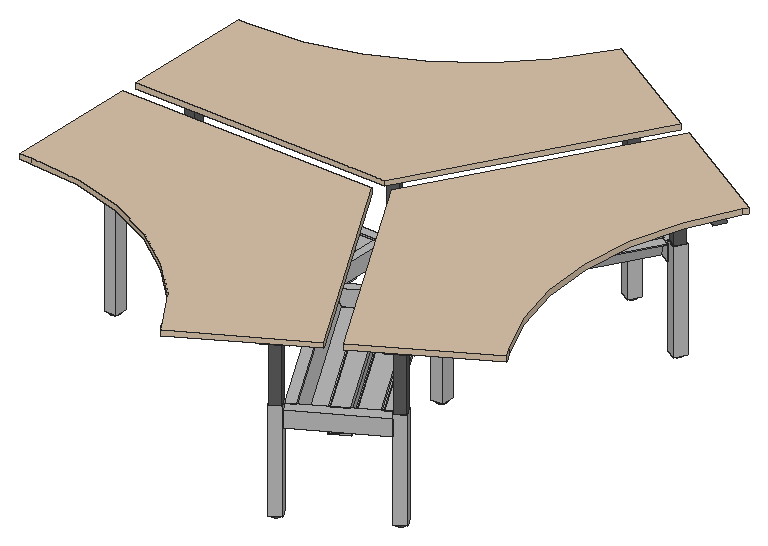
Revit family "Haworth_Planes_HeightAdjustBench_120", category Furniture Systems, Revit 2018
Family settings
  Round Connector Dimension = Use Diameter
  Part Type = Normal
  OmniClass Number = 23.40.70.14.64.21
  OmniClass Title = Systems Furniture
  Work Plane-Based = No
  Always vertical = Yes
  Cut with Voids When Loaded = No
  Shared = No
  Room Calculation Point = No
Parameters (values of type "58w 30d - Electric Adjustment")
  Worksurface Distance = 3 5/8"  # constant formula
  Warranty = "https://www.haworth.com/resources/product-info/warranties"
  URL - Product = "https://www.haworth.com/products/tables/height-adjustable/planes"
  Trim Finish = Haworth _ Paint _ Metallic Champagne
  Touch Pad Width = 2 3/4"  # constant formula
  Table Finish [instance] = Haworth _ Laminate _ Maple H-AE
  Table Edge Finish [instance] = Haworth _ Laminate _ Maple H-AE
  Actual Overall Depth = (Actual Depth * 2) + Worksurface Distance  # 63 5/8"
  Standard Worksurface Depth = "23, 24, 29, 30 in."  # constant formula
  Model = "TACZ"  # constant formula
  Min. Overall Depth = 51"  # constant formula
  Min. Height = 27"  # constant formula
  Max. Overall Depth = 63"  # constant formula
  Max. Height = 46"  # constant formula
  Lever Depth = 12"  # constant formula
  Leg Side Offset = if(Actual Width < 47", 33 3/4", if(Actual Width < 53", 38 3/4", if(Actual Width < 59", 43 3/4", 46 13/16")))  # 43 3/4"
  Leg Offset = 10 5/32"  # constant formula
  Leg Finish [instance] = Haworth _ Paint _ Metallic Champagne
  J-Rail Width = Leg Side Offset  # 43 3/4"
  J-Rail Height = 22 5/8"  # constant formula
  Height = 40"
  Hand Crank = no
  Gap Depth = Worksurface Distance / 2  # 1 13/16"
  Electric Adjustment = yes
  Description = "Haworth - Planes HAT - 120 Bench - 58w 30d - Electric Adjustment"
  Width = 58"
  URL = "www.haworth.com"
  Table Thickness = 1 3/16"  # constant formula
  Size = "Verify Final Dim. w/ Haworth"  # constant formula
  Revision Number = "1"  # constant formula
  Standard Width = "46, 52, 58 in."  # constant formula
  Standard Overall Depth = "51, 63 in."  # constant formula
  Min. Width = 46"  # constant formula
  Max. Width = 58"  # constant formula
  Min. Depth = 23"  # constant formula
  Max. Depth = 30"  # constant formula
  Manufacturer = "Haworth"  # constant formula
  Leg Height = Actual Height - Table Thickness  # 38 13/16"
  Depth = 30"
  Custom Size = not(and(or(Depth = 23", Depth = 24", Depth = 29", Depth = 30"), or(Width = 46", Width = 52", Width = 58")))  # no
  Crank Offset = 13 1/8"  # constant formula
  Box Body Finish = Haworth _ Paint _ Black
  Base Tube Finish = Haworth _ Paint _ Black
  Author = "Haworth (Alias)"  # constant formula
  Assembly Code = "E2020200"
  Actual Width = if(Width < Min. Width, Min. Width, if(Width > Max. Width, Max. Width, Width))  # 58"
  Actual Height = if(Height > Max. Height, Max. Height, if(Height < Min. Height, Min. Height, Height))  # 40"
  Actual Depth = if(Depth > Max. Depth, Max. Depth, if(Depth < Min. Depth, Min. Depth, Depth))  # 30"
Types (4): name | Actual Overall Depth | Leg Side Offset | J-Rail Width | Hand Crank | Electric Adjustment | Description | Width | Depth | Actual Width | Actual Depth
  58w 30d - Electric Adjustment | 63 5/8" | 43 3/4" | 43 3/4" | no | yes | "Haworth - Planes HAT - 120 Bench - 58w 30d - Electric Adjustment" | 58" | 30" | 58" | 30"
  58w 30d - Crank Adjustment | 63 5/8" | 43 3/4" | 43 3/4" | yes | no | "Haworth - Planes HAT - 120 Bench - 58w 30d - Crank Adjustment" | 58" | 30" | 58" | 30"
  46w 23d - Crank Adjustment | 49 5/8" | 33 3/4" | 33 3/4" | yes | no | "Haworth - Planes HAT - 120 Bench - 46w 23d - Crank Adjustment" | 46" | 23" | 46" | 23"
  52w 24d - Electric Adjustment | 51 5/8" | 38 3/4" | 38 3/4" | no | yes | "Haworth - Planes HAT - 120 Bench - 52w 24d - Electric Adjustment" | 52" | 24" | 52" | 24"
Reference planes (in)
  plane 1 "Bottom": z = 0
  plane 2 "Top": z = 40
  plane 3 "Top Bottom": z = 38.8125
  plane 4 "Support Top": z = 22.625
  plane 5 "Edge End 1": x = -18.33391
  plane 6: x = -14.58391
  plane 7: x = -12.45891
  plane 8 "Center FB": y = 7.37456
  plane 9 "W/Surface 1 Edge1": y = 9.18706
  plane 10 "W/Surface 1 Edge2": y = 5.56206
  plane 11 "Left Leg L": x = -14.89641
  plane 12 "Left Leg R": x = -12.14641
  plane 13 "Right Leg L": x = 33.47859
  plane 14 "Support Bottom": z = 18.875
  plane 15 "Leg Back": y = 17.53081
  plane 16 "Leg Front": y = -2.78169
  plane 17 "Back 1": y = -24.43794
  plane 18 "Front 1": y = 39.18706
  plane 19 "Center 2": through (39.66609, 7.37456, 48) normal (-0.866, 0.5, 0)
  plane 20 "Center 3": through (39.66609, 7.37456, 48) normal (0.866, 0.5, 0)
  plane 21 "W/Surface 3 Edge2": through (41.23576, 8.28081, 48) normal (0.866, 0.5, 0)
  plane 22 "W/Surface 3 Edge1": through (64.26215, -38.85206, 48) normal (-0.866, -0.5, 0)
  plane 23 "W/Surface 2 Edge1": through (38.09642, 8.28081, 48) normal (-0.866, 0.5, 0)
  plane 24 "W/Surface 2 Edge2": through (65.49363, 48.48417, 48) normal (0.866, -0.5, 0)
  plane 25 "Leg 3 Back": through (48.46166, 12.45268, 48) normal (0.866, 0.5, 0)
  plane 26 "Leg 3 Front": through (70.39155, -66.156, 48) normal (-0.866, -0.5, 0)
  plane 27 "Leg 2 Back": through (30.87052, 12.45268, 48) normal (-0.866, 0.5, 0)
  plane 28 "Leg 2 Front": through (84.73623, 65.12584, 48) normal (0.866, -0.5, 0)
  plane 29 "Left Leg 2": through (2.98228, 35.69867, 48) normal (0.5, 0.866, 0)
  plane 30 "Left Leg 3": through (82.5374, 24.98161, 48) normal (0.5, -0.866, 0)
  plane 31: through (47.93132, -50.49601, 48) normal (-0.5, 0.866, 0)
  plane 32: through (46.86882, -48.65571, 48) normal (-0.5, 0.866, 0)
  plane 33: through (22.51271, -65.5323, 48) normal (-0.5, 0.866, 0)
  plane 34: through (21.13771, -63.15073, 48) normal (-0.5, 0.866, 0)
  plane 35: through (111.38197, 28.97273, 48) normal (-0.5, -0.866, 0)
  plane 36: through (110.00697, 26.59116, 48) normal (-0.5, -0.866, 0)
  plane 37 "Post Leg 2": x = 52.07236
  plane 38 "Post Leg 1": through (35.3382, 19.20138, 48) normal (0.5, -0.866, 0)
  plane 39 "Post Leg 3": through (35.33821, -4.45227, 48) normal (-0.5, -0.866, 0)
  plane 40 "Rail 1 Start": x = 31.60359
  plane 41 "Rail 2 Start": through (18.47487, 28.91909, 48) normal (0.5, 0.866, 0)
  plane 42 "Rail 3 Start": through (75.95899, 19.0185, 48) normal (0.5, -0.866, 0)
  plane 43 "Back 2": through (-2.93163, -2.78185, 48) normal (-0.866, 0.5, 0)
  plane 44 "Front 2": through (114.21652, 72.8747, 48) normal (0.866, -0.5, 0)
  plane 45 "Back 3": through (52.16924, 49.34347, 48) normal (0.866, 0.5, 0)
  plane 46 "Front 3": through (59.11566, -89.93808, 48) normal (-0.866, -0.5, 0)
  plane 47 "Center Point 1": x = 39.66609
  plane 48 "Center Point 2": through (39.66609, 7.37456, 48) normal (-0.5, 0.866, 0)
  plane 49 "Center Point 3": through (39.66609, 7.37456, 48) normal (-0.5, -0.866, 0)
  plane 50 "Edge End 2": through (77.88663, 52.28055, 48) normal (-0.5, -0.866, 0)
  plane 51 "Edge End 3": through (59.44555, -48.1784, 48) normal (-0.5, 0.866, 0)
Forms (in)
  Extrusion 1, solid, material "Haworth _ Paint _ Metallic Champagne" <- "Leg Finish"
    sketch origin (0, 0, -4.6785) x (1, 0, 0) y (0, 1, 0)
      loop
        line (-14.89641, 17.53081) -> (-14.89641, -2.78169) -> (-12.14641, -2.78169) -> (-12.14641, 17.53081) -> (-14.89641, 17.53081)
      loop
        line (75.74291, 49.54895) -> (58.15177, 59.7052) -> (56.77677, 57.32363) -> (74.36791, 47.16738) -> (75.74291, 49.54895)
      loop
        line (58.15177, -44.95608) -> (75.74291, -34.79983) -> (74.36791, -32.41826) -> (56.77677, -42.57451) -> (58.15177, -44.95608)
    from 23.5535 to 27.3035
  Extrusion 2, solid, material "Haworth _ Paint _ Metallic Champagne" <- "Leg Finish"
    sketch origin (0, 0, 0) x (1, 0, 0) y (0, 1, 0)
      loop
        line (31.60535, 18.27836) -> (31.60535, -3.52923) -> (32.20595, -2.48895) -> (34.85411, -4.01787) -> (34.11819, -5.29252) -> (53.27473, 5.92376) -> (51.80289, 5.92376) -> (51.80289, 8.82534) -> (53.27476, 8.82534) -> (34.11818, 20.04164) -> (34.85411, 18.76697) -> (32.20596, 17.23806) -> (31.60535, 18.27836)
      loop
        line (33.47859, -0.30354) -> (35.97509, -1.90115) -> (49.27394, 5.77695) -> (49.27394, 8.97217) -> (35.9751, 16.65026) -> (33.47859, 15.05265) -> (33.47859, -0.30354)
    from 18.875 to 22.625
Lines and regions (in)
  Masking region 1
    outline origin (0, 0, 0) x (1, 0, 0) y (0, 1, 0)
      loop
        line (31.60535, 18.27836) -> (31.60535, -3.52923) -> (32.20595, -2.48895) -> (34.85411, -4.01787) -> (34.11819, -5.29252) -> (53.27473, 5.92376) -> (51.80289, 5.92376) -> (51.80289, 8.82534) -> (53.27476, 8.82534) -> (34.11818, 20.04164) -> (34.85411, 18.76697) -> (32.20596, 17.23806) -> (31.60535, 18.27836)
Dimensions and locks (in)
  "Actual Height": plane 2 "Top" to level
  "Table Thickness": plane 2 "Top" to plane 3 "Top Bottom"
  "Gap Depth": plane 9 "W/Surface 1 Edge1" to plane 8 "Center FB"
  "Gap Depth": plane 8 "Center FB" to plane 10 "W/Surface 1 Edge2"
  "Leg Offset": plane 15 "Leg Back" to plane 8 "Center FB"
  "Leg Offset": plane 8 "Center FB" to plane 16 "Leg Front"
  "Actual Depth": plane 18 "Front 1" to plane 9 "W/Surface 1 Edge1"
  "Actual Depth": plane 17 "Back 1" to plane 10 "W/Surface 1 Edge2"
  plane 11 "Left Leg L" to plane 6 to plane 7 to plane 12 "Left Leg R" = 5/16" locked, 2 1/8" locked, 5/16" locked
  locked: plane 4 "Support Top" to plane 14 "Support Bottom" at 3.75
  "J-Rail Height": plane 4 "Support Top" to plane 1 "Bottom"
  "Gap Depth": plane 22 "W/Surface 3 Edge1" to plane 20 "Center 3"
  "Gap Depth": plane 20 "Center 3" to plane 21 "W/Surface 3 Edge2"
  "Gap Depth": plane 24 "W/Surface 2 Edge2" to plane 19 "Center 2"
  "Gap Depth": plane 23 "W/Surface 2 Edge1" to plane 19 "Center 2"
  "Leg Offset": plane 26 "Leg 3 Front" to plane 20 "Center 3"
  "Leg Offset": plane 20 "Center 3" to plane 25 "Leg 3 Back"
  "Leg Offset": plane 28 "Leg 2 Front" to plane 19 "Center 2"
  "Leg Offset": plane 27 "Leg 2 Back" to plane 19 "Center 2"
  plane 33 to plane 31 to plane 32 to plane 34 = 5/16" locked, 2 1/8" locked, 5/16" locked
  locked: plane 29 "Left Leg 2" to plane 41 "Rail 2 Start" at 1.875
  locked: plane 30 "Left Leg 3" to plane 42 "Rail 3 Start" at 1.875
  locked: plane 40 "Rail 1 Start" to plane 13 "Right Leg L" at 1.875
  plane 36 to plane 35 = 2 3/4"
  "Actual Depth": plane 45 "Back 3" to plane 21 "W/Surface 3 Edge2"
  "Actual Depth": plane 46 "Front 3" to plane 22 "W/Surface 3 Edge1"
  "Actual Depth": plane 44 "Front 2" to plane 24 "W/Surface 2 Edge2"
  "Actual Depth": plane 43 "Back 2" to plane 23 "W/Surface 2 Edge1"
  "Leg Side Offset": plane 12 "Left Leg R" to plane 40 "Rail 1 Start"
  "Leg Side Offset": plane 36 to plane 41 "Rail 2 Start"
  "Leg Side Offset": plane 42 "Rail 3 Start" to plane 34
  "Actual Width": plane 5 "Edge End 1" to plane 47 "Center Point 1"
  "Actual Width": plane 48 "Center Point 2" to plane 51 "Edge End 3"
  "Actual Width": plane 49 "Center Point 3" to plane 50 "Edge End 2"
  aligned and locked: plane 12 "Left Leg R" to Extrusion 1
  aligned and locked: Extrusion 1 to plane 11 "Left Leg L"
  aligned and locked: plane 1 "Bottom" to nested 2
  aligned and locked: plane 1 "Bottom" to nested 1
  aligned and locked: nested 3 to plane 1 "Bottom"
  aligned and locked: plane 15 "Leg Back" to Extrusion 1
  aligned and locked: plane 16 "Leg Front" to Extrusion 1
  aligned and locked: Extrusion 1 to plane 4 "Support Top"
  aligned and locked: nested 1 to plane 16 "Leg Front"
  aligned and locked: plane 15 "Leg Back" to nested 3
  aligned and locked: plane 12 "Left Leg R" to nested 1
  aligned and locked: nested 3 to plane 12 "Left Leg R"
  aligned and locked: plane 1 "Bottom" to nested 4
  aligned and locked: plane 19 "Center 2" to nested 7
  aligned and locked: plane 20 "Center 3" to nested 8
  aligned and locked: plane 1 "Bottom" to nested 9
  aligned and locked: plane 1 "Bottom" to nested 8
  aligned and locked: nested 6 to plane 1 "Bottom"
  aligned and locked: plane 1 "Bottom" to nested 5
  aligned and locked: plane 1 "Bottom" to nested 7
  aligned and locked: plane 8 "Center FB" to nested 2
  aligned and locked: plane 13 "Right Leg L" to Extrusion 2 sketch curve
  aligned and locked: Extrusion 2 sketch curve to plane 30 "Left Leg 3"
  aligned and locked: Extrusion 2 sketch curve to plane 29 "Left Leg 2"
  aligned and locked: nested 8 to plane 42 "Rail 3 Start"
  aligned and locked: plane 41 "Rail 2 Start" to nested 7
  aligned and locked: nested 2 to plane 40 "Rail 1 Start"
  aligned and locked: plane 1 "Bottom" to nested 11
  aligned and locked: plane 1 "Bottom" to nested 10
  aligned and locked: nested 11 to plane 19 "Center 2"
  aligned and locked: nested 11 to plane 39 "Post Leg 3"
  aligned and locked: nested 9 to plane 8 "Center FB"
  aligned and locked: nested 9 to plane 37 "Post Leg 2"
  aligned and locked: nested 10 to plane 20 "Center 3"
  aligned and locked: nested 10 to plane 38 "Post Leg 1"
  aligned and locked: plane 1 "Bottom" to nested 14
  aligned and locked: nested 13 to plane 1 "Bottom"
  aligned and locked: nested 15 to plane 1 "Bottom"
  aligned and locked: nested 12 to plane 1 "Bottom"
  aligned and locked: plane 26 "Leg 3 Front" to nested 14
  aligned and locked: nested 14 to plane 34
  aligned and locked: nested 15 to plane 25 "Leg 3 Back"
  aligned and locked: nested 15 to plane 34
  aligned and locked: plane 28 "Leg 2 Front" to nested 12
  aligned and locked: nested 13 to plane 27 "Leg 2 Back"
  aligned and locked: nested 13 to plane 36
  aligned and locked: nested 12 to plane 36
  aligned and locked: plane 10 "W/Surface 1 Edge2" to nested 4
  aligned and locked: nested 4 to plane 22 "W/Surface 3 Edge1"
  aligned and locked: nested 5 to plane 23 "W/Surface 2 Edge1"
  aligned and locked: nested 5 to plane 9 "W/Surface 1 Edge1"
  aligned and locked: nested 6 to plane 24 "W/Surface 2 Edge2"
  aligned and locked: nested 6 to plane 21 "W/Surface 3 Edge2"
  aligned and locked: Extrusion 1 sketch curve to plane 34
  aligned and locked: plane 33 to Extrusion 1 sketch curve
  aligned and locked: Extrusion 1 sketch curve to plane 25 "Leg 3 Back"
  aligned and locked: Extrusion 1 sketch curve to plane 26 "Leg 3 Front"
  aligned and locked: plane 35 to Extrusion 1 sketch curve
  aligned and locked: Extrusion 1 sketch curve to plane 36
  aligned and locked: Extrusion 1 sketch curve to plane 28 "Leg 2 Front"
  aligned and locked: Extrusion 1 sketch curve to plane 27 "Leg 2 Back"
  aligned and locked: Masking region 1 sketch curve to Extrusion 2  (x11)
  aligned and locked: Extrusion 2 to Masking region 1 sketch curve
  aligned and locked: plane 1 "Bottom" to nested 16
  aligned and locked: nested 18 to nested 12
  aligned and locked: nested 16 to nested 14
  aligned and locked: nested 17 to nested 3
  aligned and locked: nested 16 to plane 46 "Front 3"
  aligned and locked: plane 44 "Front 2" to nested 18
  aligned and locked: plane 18 "Front 1" to nested 17
Automatic sketch dimensions
  Extrusion 1 sketch curve to plane 11 "Left Leg L" = 0"
  Extrusion 1 sketch curve to plane 12 "Left Leg R" = 0"
  plane 16 "Leg Front" to Extrusion 1 sketch curve = 0"
  Extrusion 1 sketch curve to plane 15 "Leg Back" = 0"
  Extrusion 2 sketch curve to plane 16 "Leg Front" = 0.29274"
  Extrusion 2 sketch curve to plane 40 "Rail 1 Start" = 0.60236"
  plane 13 "Right Leg L" to Extrusion 2 sketch curve = 0.63959"
  plane 13 "Right Leg L" to Extrusion 2 sketch curve = 0.6396"
  plane 13 "Right Leg L" to Extrusion 2 sketch curve = 1.37552"  (x2)
  Extrusion 2 sketch curve to plane 16 "Leg Front" = 0.88054"
  Extrusion 2 sketch curve to plane 15 "Leg Back" = 0.88055"
  Extrusion 2 sketch curve to plane 9 "W/Surface 1 Edge1" = 0.21489"
  Extrusion 2 sketch curve to plane 37 "Post Leg 2" = 0.26948"
  Extrusion 2 sketch curve to plane 10 "W/Surface 1 Edge2" = 0.3617"
  plane 37 "Post Leg 2" to Extrusion 2 sketch curve = 1.20237"
  Extrusion 2 sketch curve to plane 9 "W/Surface 1 Edge1" = 0.36172"
  plane 37 "Post Leg 2" to Extrusion 2 sketch curve = 1.2024"
  plane 16 "Leg Front" to Extrusion 2 sketch curve = 0.74753"
  plane 16 "Leg Front" to Extrusion 2 sketch curve = 1.23618"
  Extrusion 2 sketch curve to Extrusion 2 sketch curve = 1.27465"
  Extrusion 2 sketch curve to plane 16 "Leg Front" = 2.47815"
  Extrusion 2 sketch curve to plane 15 "Leg Back" = 2.47816"
  plane 15 "Leg Back" to Extrusion 2 sketch curve = 1.23616"
  Extrusion 2 sketch curve to Extrusion 2 sketch curve = 1.27467"
  Extrusion 2 sketch curve to plane 40 "Rail 1 Start" = 0.00176"
  Extrusion 2 sketch curve to plane 15 "Leg Back" = 0.29275"
  Extrusion 2 sketch curve to plane 40 "Rail 1 Start" = 0.60237"
  plane 15 "Leg Back" to Extrusion 2 sketch curve = 0.74755"
Nested families (in)
  nested 1: "Haworth_Support-Height_Adjustable_Leg_Centered_Part" at (-13.52141, -4.15669, 0), type "Leg w/o Crank"
    with Leg Height 38 13/16"
  nested 2: "Haworth_Planes_J-Rail_Part" at (-0.9375, 0, 0), type "J Rail"
    with Actual Width 43 3/4", Actual Height 22 5/8"
  nested 3: "Haworth_Support-Height_Adjustable_Leg_Centered_Part" at (-13.52141, 18.90581, 0), type "Leg w/ Crank"
    with Lever Depth 12", Leg Height 38 13/16", Crank Offset 13 1/8"
  nested 4: "Haworth_Planes_Worksurface_Corner120_Part" at (38.61964, -6.43794, 0) x (-1, 0, 0) z (0, 0, 1), type "Worksurface"
    with Actual Height 40"
  nested 5: "Haworth_Planes_Worksurface_Corner120_Part" at (38.61964, 21.18706, 0) x (-1, 0, 0) z (0, 0, 1), type "Worksurface"
    with Actual Height 40"
  nested 6: "Haworth_Planes_Worksurface_Corner120_Part" at (52.15129, 13.37456, 0) x (0.5, -0.866, 0) z (0, 0, 1), type "Worksurface"
    with Actual Height 40"
  nested 7: "Haworth_Planes_J-Rail_Part" at (55.68835, 20.37681, 0) x (0.5, 0.866, 0) z (0, 0, 1), type "J Rail"
    with Actual Width 43 3/4", Actual Height 22 5/8"
  nested 8: "Haworth_Planes_J-Rail_Part" at (66.35444, -24.1019, 0) x (-0.5, 0.866, 0) z (0, 0, 1), type "J Rail"
    with Actual Width 43 3/4", Actual Height 22 5/8"
  nested 9: "Haworth_Support-Height_Adjustable_Leg-Post_Part" at (53.44736, 7.37456, 0), type "Leg"
  nested 10: "Haworth_Support-Height_Adjustable_Leg-Post_Part" at (32.77546, 19.30949, 0) x (0.5, -0.866, 0) z (0, 0, 1), type "Leg"
  nested 11: "Haworth_Support-Height_Adjustable_Leg-Post_Part" at (32.77545, -4.56038, 0) x (0.5, 0.866, 0) z (0, 0, 1), type "Leg"
  nested 12: "Haworth_Support-Height_Adjustable_Leg_Centered_Part" at (76.2462, 47.67066, 0) x (-0.5, -0.866, 0) z (0, 0, 1), type "Leg w/ Crank"
    with Lever Depth 12", Leg Height 38 13/16", Crank Offset 13 1/8"
  nested 13: "Haworth_Support-Height_Adjustable_Leg_Centered_Part" at (56.27349, 59.20191, 0) x (-0.5, -0.866, 0) z (0, 0, 1), type "Leg w/o Crank"
    with Leg Height 38 13/16"
  nested 14: "Haworth_Support-Height_Adjustable_Leg_Centered_Part" at (56.27349, -44.45279, 0) x (-0.5, 0.866, 0) z (0, 0, 1), type "Leg w/ Crank"
    with Lever Depth 12", Leg Height 38 13/16", Crank Offset 13 1/8"
  nested 15: "Haworth_Support-Height_Adjustable_Leg_Centered_Part" at (76.2462, -32.92154, 0) x (-0.5, 0.866, 0) z (0, 0, 1), type "Leg w/o Crank"
    with Leg Height 38 13/16"
  nested 16: "Haworth_Planes_Electric-TouchPad_Part" at (36.8917, -55.64287, 0) x (0.5, -0.866, 0) z (0, 0, 1), visible <- "Electric Adjustment", type "Touch Pad"
  nested 17: "Haworth_Planes_Electric-TouchPad_Part" at (-13.52141, 41.28597, 0), visible <- "Electric Adjustment", type "Touch Pad"
  nested 18: "Haworth_Planes_Electric-TouchPad_Part" at (95.62798, 36.48058, 0) x (-0.5, -0.866, 0) z (0, 0, 1), visible <- "Electric Adjustment", type "Touch Pad"
Definition of nested family "Haworth_Support-Height_Adjustable_Leg_Centered_Part"
  Parameters (values of type "Leg w/ Crank")
    URL = "www.haworth.com"
    Trim Finish = none
    Top Support Front = 7 3/4"  # constant formula
    Top Support Back = 7 3/4"  # constant formula
    Note = "Verify Final Dim. w/ Haworth"  # constant formula
    Manufacturer = "Haworth"  # constant formula
    Lever Depth = 8"
    Leg Height = 27 13/16"
    Leg Finish = none
    Hardware Finish = none
    Glide Finish = none
    Crank Offset = 11 1/8"
    Crank = no
    Base Tube Finish = none
    Assembly Code = ""
  Reference planes (in)
    plane 1 "Center (Front/Back)": y = 0
    plane 2 "Bottom": z = 0
    plane 3 "Center (Left/Right)": x = 0
    plane 4 "Bottom of Top": z = 27.8125
    plane 5: z = 0.375
    plane 6: x = 1.375
    plane 7: x = -1.375
    plane 8: x = -1.5
    plane 9 "Support Bottom": z = 25.1875
    plane 10: z = 27.5
    plane 11: y = -7.75
    plane 12 "Top of Leg": z = 23.5
    plane 13: y = 7.75
    plane 14: y = 1.375
    plane 15: y = -1.375
    plane 16 "Crank Offset": y = -11.125
  Forms (in)
    Extrusion 1, solid, material <- "Leg Finish"
      sketch origin (0, 0, 2.5625) x (-1, 0, 0) y (0, -1, 0)
        loop
          line (1.375, -1.375) -> (1.375, 1.375) -> (-1.375, 1.375) -> (-1.375, -1.375) -> (1.375, -1.375)
      from -2.1875 to 20.9375
    Extrusion 2, solid, material <- "Leg Finish"
      sketch origin (-1.375, -19.87459, 48) x (0, -1, 0) y (0, 0, -1)
        loop
          line (-12.12459, 20.1875) -> (-12.12459, 20.5) -> (-17.12459, 22.8125) -> (-22.62459, 22.8125) -> (-27.62459, 20.5) -> (-27.62459, 20.1875) -> (-12.12459, 20.1875)
      from 0 to -0.125
    Extrusion 3, solid, material <- "Base Tube Finish"
      sketch origin (0, 0, 2.5625) x (-1, 0, 0) y (0, -1, 0)
        loop
          line (1.1875, -1.1875) -> (1.1875, 1.1875) -> (-1.1875, 1.1875) -> (-1.1875, -1.1875) -> (1.1875, -1.1875)
      from 20.9375 to 25.25
    Extrusion 4, solid, material <- "Glide Finish"
      sketch origin (0, 0, 0) x (1, 0, 0) y (0, 1, 0)
        loop
          circle (0, 0) r 1.12816
      from 0 to 0.375
  Lines and regions (in)
    symbolic lines, detail levels medium+fine
      curve 1: line (-1.375, 1.375, 0) -> (1.375, 1.375, 0)
      curve 2: line (-1.375, -1.375, 0) -> (-1.375, 1.375, 0)
      curve 3: line (1.375, -1.375, 0) -> (-1.375, -1.375, 0)
      curve 4: line (1.375, 1.375, 0) -> (1.375, -1.375, 0)
  Dimensions and locks (in)
    "Leg Height": plane 4 "Bottom of Top" to level
    level to plane 5 = 3/8"
    locked: plane 7 to plane 6 at 2.75
    locked: plane 8 to plane 3 "Center (Left/Right)" at 1.5
    equal spacing: plane 7, plane 3 "Center (Left/Right)", plane 6
    locked: plane 4 "Bottom of Top" to plane 9 "Support Bottom" at 2.625
    plane 12 "Top of Leg" to level = 23 1/2"
    "Top Support Front": plane 11 to plane 1 "Center (Front/Back)"
    "Top Support Back": plane 1 "Center (Front/Back)" to plane 13
    locked: plane 4 "Bottom of Top" to plane 10 at 0.3125
    equal spacing: plane 14, plane 1 "Center (Front/Back)", plane 15
    locked: plane 14 to plane 15 at 2.75
    locked: plane 12 "Top of Leg" to plane 2 "Bottom" at 23.5
    locked: Extrusion 3 sketch curve to plane 14 at 0.1875
    locked: Extrusion 3 sketch curve to plane 15 at 0.1875
    locked: Extrusion 3 sketch curve to plane 6 at 0.1875
    locked: plane 7 to Extrusion 3 sketch curve at 0.1875
    "Crank Offset": plane 1 "Center (Front/Back)" to plane 16 "Crank Offset"
    aligned and locked: plane 7 to Extrusion 1 sketch curve
    aligned and locked: Extrusion 1 sketch curve to plane 6
    aligned: plane 4 "Bottom of Top" to Extrusion 1
    aligned and locked: Extrusion 2 sketch curve to plane 4 "Bottom of Top"
    aligned and locked: plane 4 "Bottom of Top" to Extrusion 3
    aligned and locked: plane 5 to Extrusion 1
    aligned and locked: Extrusion 2 to plane 11
    aligned and locked: plane 13 to Extrusion 2 sketch curve
    aligned and locked: plane 10 to Extrusion 2 sketch curve  (x2)
    aligned and locked: curve 4 to plane 6
    aligned and locked: plane 7 to curve 2
    aligned and locked: plane 7 to Extrusion 2
    aligned and locked: Extrusion 2 to plane 8
    aligned and locked: Extrusion 4 to plane 5
    aligned and locked: Extrusion 1 to plane 5
    aligned and locked: plane 12 "Top of Leg" to Extrusion 1
    aligned and locked: Extrusion 3 to plane 12 "Top of Leg"
    aligned and locked: Extrusion 1 sketch curve to plane 14
    aligned and locked: plane 15 to Extrusion 1 sketch curve
    aligned and locked: nested 1 to plane 16 "Crank Offset"
    aligned and locked: plane 3 "Center (Left/Right)" to nested 1
    aligned and locked: plane 9 "Support Bottom" to Extrusion 2 sketch curve
  Automatic sketch dimensions
    plane 3 "Center (Left/Right)" to Extrusion 4 sketch curve = 0"
    plane 1 "Center (Front/Back)" to Extrusion 4 sketch curve = 0"
    plane 1 "Center (Front/Back)" to curve 3 = 1 3/8"
    curve 2 to plane 1 "Center (Front/Back)" = 1 3/8"
    Extrusion 2 sketch curve to plane 11 = 0"
    Extrusion 2 sketch curve to plane 14 = 1 3/8"
    plane 15 to Extrusion 2 sketch curve = 1 3/8"
    radius of Extrusion 4 sketch curve = 1.12816"
  Nested families (in)
    nested 1: "Haworth_Planes-HAT-Crank_Part" at (0, -14.72244, 27.8125), built-in parameter 1001364 <- "Leg Height", visible <- "Crank", type "Crank"
      with Bracket Width 1 1/4"
  Definition of nested family "Haworth_Planes-HAT-Crank_Part"
    Parameters (values of type "Crank")
      Trim Finish = none
      Support Finish = none
      Lever Depth = 8"
      Hardware Finish = none
      Bracket Width [instance] = 1 1/4"  # constant formula
      Assembly Code = ""
    Reference planes (in)
      plane 1: z = 0
      plane 2 "Center L/R": x = 0
      plane 3 "Left": x = -0.625
      plane 4 "Right": x = 0.625
      plane 5 "Bar Front": y = 6.72736
      plane 6 "Bar Back": y = 14.72736
      plane 7 "Crank Back": y = 6.09744
      plane 8 "Crank Front": y = 5.59744
      plane 9 "Knob Front": y = 3.59744
      plane 10 "Knob Middle": z = -5.57716
      plane 11 "Bar Middle": z = -1.24016
    Forms (in)
      Extrusion 1, solid, material <- "Support Finish"
        sketch origin (0, 0, 0) x (0, 1, 0) y (0, 0, 1)
          loop
            line (5.47112, 0) -> (5.47112, -0.125) -> (6.74381, -0.125) -> (6.74381, -1.875) -> (9.49381, -1.875) -> (9.49381, -0.125) -> (13.57086, -0.125) -> (13.57086, -1.875) -> (14.94586, -1.875) -> (14.94586, -1.75) -> (13.69586, -1.75) -> (13.69586, 0) -> (9.36881, 0) -> (9.36881, -1.75) -> (6.86881, -1.75) -> (6.86881, 0) -> (5.47112, 0)
        from -0.625 to 0.625
      Extrusion 2, solid, material <- "Hardware Finish"
        sketch origin (0, 6.09744, 0) x (0, 0, -1) y (1, 0, 0)
          loop
            line (1.24016, -0.43307) -> (5.58894, -0.28152)
            arc (5.58894, -0.28152) -> (5.86265, 0.00389) -> (5.58109, 0.28155) r 0.28159
            line (5.58109, 0.28155) -> (1.24016, 0.43307)
            arc (1.24016, 0.43307) -> (0.80709, 0) -> (1.24016, -0.43307) r 0.43307
        from 0 to 0.5
      Revolve 3, solid, material <- "Trim Finish"
        sketch origin (0, 0, 0) x (0, 1, 0) y (0, 0, 1)
          loop
            line (5.59744, -5.57716) -> (5.59744, -5.2397) -> (4.79831, -5.15571) -> (3.59744, -5.15571) -> (3.59744, -5.57716) -> (5.59744, -5.57716)
          axis (3.59744, -5.57716) -> (5.59744, -5.57716)
        angle from 0 to 360
      Revolve 4, solid, material <- "Hardware Finish"
        sketch origin (0, 0, 0) x (0, 1, 0) y (0, 0, 1)
          loop
            line (6.09744, -0.80709) -> (6.09744, -1.24016) -> (6.72736, -1.24016) -> (6.72736, -0.90551) -> (6.58317, -0.83827) -> (6.09744, -0.80709)
          axis (6.09744, -1.24016) -> (6.72736, -1.24016)
        angle from 0 to 360
      Extrusion 5, solid, material <- "Hardware Finish"
        sketch origin (0, 6.09744, 0) x (0, 0, -1) y (1, 0, 0)
          loop
            circle (1.24016, 0) r 0.25
        from -8.62992 to -0.62992
    Lines and regions (in)
      symbolic lines, detail levels medium+fine
        curve 1: line (0.42145, 3.59744, 0) -> (0.42145, 4.79831, 0)
        curve 2: line (0.42145, 4.79831, 0) -> (0.28155, 5.59744, 0)
        curve 3: line (0.28155, 5.59744, 0) -> (0.28155, 14.72736, 0)
        curve 4: line (-0.42145, 3.59744, 0) -> (-0.42145, 4.79831, 0)
        curve 5: line (-0.42145, 4.79831, 0) -> (-0.28155, 5.59744, 0)
        curve 6: line (-0.28155, 5.59744, 0) -> (-0.28155, 14.72736, 0)
        curve 7: line (-0.42145, 3.59744, 0) -> (0.42145, 3.59744, 0)
        curve 8: line (-0.28155, 14.72736, 0) -> (0.28155, 14.72736, 0)
    Dimensions and locks (in)
      equal spacing: plane 3 "Left", plane 2 "Center L/R", plane 4 "Right"
      "Bracket Width": plane 3 "Left" to plane 4 "Right"
      "Lever Depth": plane 5 "Bar Front" to plane 6 "Bar Back"
      locked: plane 7 "Crank Back" to plane 5 "Bar Front" at 0.62992
      locked: plane 8 "Crank Front" to plane 7 "Crank Back" at 0.5
      locked: plane 9 "Knob Front" to plane 8 "Crank Front" at 2
      aligned and locked: level to plane 1
      aligned and locked: Extrusion 1 to plane 3 "Left"
      aligned and locked: Extrusion 1 to plane 4 "Right"
      aligned and locked: Extrusion 2 to plane 7 "Crank Back"
      aligned and locked: plane 8 "Crank Front" to Extrusion 2
      aligned and locked: Revolve 3 sketch curve to plane 10 "Knob Middle"
      aligned and locked: Revolve 4 sketch curve to plane 11 "Bar Middle"
      aligned and locked: plane 5 "Bar Front" to Extrusion 5
      aligned and locked: Extrusion 5 to plane 6 "Bar Back"
      aligned and locked: plane 6 "Bar Back" to curve 8
    Automatic sketch dimensions
      Extrusion 5 sketch curve to plane 2 "Center L/R" = 0"
      Extrusion 5 sketch curve to plane 11 "Bar Middle" = 0"
      Extrusion 1 sketch curve to level = 0"  (x2)
      plane 8 "Crank Front" to Extrusion 1 sketch curve = 0.12632"
      Extrusion 1 sketch curve to plane 5 "Bar Front" = 0.01645"
      Extrusion 1 sketch curve to plane 5 "Bar Front" = 0.14145"
      Extrusion 1 sketch curve to plane 11 "Bar Middle" = 0.50984"
      Extrusion 1 sketch curve to Extrusion 1 sketch curve = 2 1/2"
      Extrusion 1 sketch curve to Extrusion 1 sketch curve = 1/8"  (x4)
      Extrusion 1 sketch curve to plane 11 "Bar Middle" = 0.63484"
      Extrusion 1 sketch curve to Extrusion 1 sketch curve = 4.07706"
      Extrusion 1 sketch curve to Extrusion 1 sketch curve = 1 1/4"
      Extrusion 1 sketch curve to level = 1/8"  (x2)
      Extrusion 2 sketch curve to plane 11 "Bar Middle" = 0"
      Extrusion 2 sketch curve to plane 10 "Knob Middle" = 1/256"
      Extrusion 2 sketch curve to plane 10 "Knob Middle" = 0.01178"
      plane 3 "Left" to Extrusion 2 sketch curve = 0.19193"
      Extrusion 2 sketch curve to plane 2 "Center L/R" = 0.28152"
      Extrusion 2 sketch curve to plane 2 "Center L/R" = 0.00004"
      Extrusion 2 sketch curve to plane 2 "Center L/R" = 0"
      Revolve 3 sketch curve to plane 9 "Knob Front" = 0"
      Revolve 3 sketch curve to plane 8 "Crank Front" = 0"
      Revolve 3 sketch curve to plane 10 "Knob Middle" = 0"
      plane 9 "Knob Front" to Revolve 3 sketch curve = 0.27802"
      plane 8 "Crank Front" to Revolve 3 sketch curve = 0.79913"
      plane 5 "Bar Front" to Revolve 3 sketch curve = 0.14411"
      Revolve 3 sketch curve to Revolve 3 sketch curve = 0.33746"
      plane 10 "Knob Middle" to Revolve 3 sketch curve = 0.42145"
      Revolve 4 sketch curve to plane 8 "Crank Front" = 0"
      Revolve 4 sketch curve to plane 7 "Crank Back" = 0"
      Revolve 4 sketch curve to plane 5 "Bar Front" = 0"
      Revolve 4 sketch curve to plane 11 "Bar Middle" = 0"
      plane 5 "Bar Front" to Revolve 4 sketch curve = 0.14419"
      Revolve 4 sketch curve to plane 6 "Bar Back" = 1.79885"
      Revolve 4 sketch curve to Revolve 4 sketch curve = 0.33465"
      Revolve 4 sketch curve to Revolve 4 sketch curve = 0.06724"
      Revolve 4 sketch curve to Revolve 4 sketch curve = 0.43307"
      plane 9 "Knob Front" to curve 7 = 0"
      plane 8 "Crank Front" to curve 6 = 0"
      plane 8 "Crank Front" to curve 2 = 0"
      plane 3 "Left" to curve 5 = 0.20355"
      curve 6 to plane 2 "Center L/R" = 0.28155"
      plane 2 "Center L/R" to curve 2 = 0.28155"
      plane 4 "Right" to curve 7 = 0.20355"
      plane 8 "Crank Front" to curve 5 = 0.79913"
      plane 8 "Crank Front" to curve 2 = 0.79913"
      radius of Extrusion 5 sketch curve = 1/4"
Definition of nested family "Haworth_Planes_J-Rail_Part"
  Parameters (values of type "J Rail")
    Warranty = "https://www.haworth.com/resources/product-info/warranties"
    URL - Product = "https://www.haworth.com/products/tables/height-adjustable/planes"
    Model = "Haworth Planes"  # constant formula
    Leg Finish = none
    Description = "Haworth J-Rail - Part"
    URL = "www.haworth.com"
    Size = "Verify Final Dim. w/ Haworth"  # constant formula
    Revision Number = "1"  # constant formula
    Manufacturer = "Haworth"  # constant formula
    Author = "Haworth (Alias)"  # constant formula
    Assembly Code = "E2020200"
    Actual Width = 64"
    Actual Height = 17 35/128"
  Reference planes (in)
    plane 1: z = 0
    plane 2: y = 7.37456
    plane 3 "Left": x = -21.33391
    plane 4 "Right": x = 42.66609
    plane 5: x = 10.66609
    plane 6 "Bottom": z = 0
    plane 7 "Top": z = 17.27344
    plane 8: z = 17.02344
    plane 9: z = 13.15063
    plane 10: z = 16.14868
    plane 11: z = 13.40063
    plane 12: z = 11.80068
    plane 13: z = 11.55068
    plane 14: z = 16.39868
  Forms (in)
    Extrusion 1, solid, material <- "Leg Finish"
      sketch origin (-23.71454, 7.37456, -1) x (0, 1, 0) y (0, 0, 1)
        loop
          line (-10.10156, 18.27344) -> (-10.10156, 18.02344) -> (-8.17155, 18.02344) -> (-8.17155, 17.92282) -> (-6.57035, 14.15063) -> (-1.5625, 14.15063) -> (-1.5625, 17.39868) -> (-1.8125, 17.39868) -> (-1.8125, 18.02344) -> (1.8125, 18.02344) -> (1.8125, 17.39868) -> (1.5625, 17.39868) -> (1.5625, 14.15063) -> (6.57035, 14.15063) -> (8.17155, 17.92282) -> (8.17155, 18.02344) -> (10.10156, 18.02344) -> (10.10156, 18.27344) -> (7.92155, 18.27344) -> (7.92155, 17.97368) -> (6.40488, 14.40063) -> (1.8125, 14.40063) -> (1.8125, 17.14868) -> (2.0625, 17.14868) -> (2.0625, 18.27344) -> (-2.0625, 18.27344) -> (-2.0625, 17.14868) -> (-1.8125, 17.14868) -> (-1.8125, 14.40063) -> (-6.40488, 14.40063) -> (-7.92155, 17.97368) -> (-7.92155, 18.27344) -> (-10.10156, 18.27344)
      from 2.38063 to 66.38063
    Extrusion 2, solid, material <- "Leg Finish"
      sketch origin (-6, 7.37456, -1) x (0, 1, 0) y (0, 0, 1)
        loop
          line (-1.964, 14.15063) -> (-2.214, 14.15063) -> (-2.214, 12.55068) -> (2.214, 12.55068) -> (2.214, 14.15063) -> (1.964, 14.15063) -> (1.964, 12.80068) -> (-1.964, 12.80068) -> (-1.964, 14.15063)
      from -15.33391 to 48.66609
  Lines and regions (in)
    Masking region 1, detail levels medium+fine
      outline origin (0, 0, 0) x (1, 0, 0) y (0, 1, 0)
        loop
          line (-21.33391, 17.47612) -> (-21.33391, -2.727) -> (42.66609, -2.727) -> (42.66609, 17.47612) -> (-21.33391, 17.47612)
    symbolic lines, detail levels medium+fine
      curve 1: line (-21.33391, 5.16056, 0) -> (42.66609, 5.16056, 0)
      curve 2: line (42.66609, 9.58856, 0) -> (-21.33391, 9.58856, 0)
  Dimensions and locks (in)
    equal spacing: plane 3 "Left", plane 5, plane 4 "Right"
    "Actual Width": plane 3 "Left" to plane 4 "Right"
    "Actual Height": plane 7 "Top" to plane 6 "Bottom"
    plane 7 "Top" to plane 8 to plane 14 to plane 10 to plane 11 to plane 9 to plane 12 to plane 13 = 1/4" locked, 0.62476" locked, 1/4" locked, 2.74805" locked, 1/4" locked, 1.34995" locked, 1/4" locked
    aligned and locked: Extrusion 1 to plane 3 "Left"
    aligned and locked: Extrusion 2 to plane 3 "Left"
    aligned and locked: plane 4 "Right" to Extrusion 1
    aligned and locked: plane 4 "Right" to Extrusion 2
    aligned and locked: Extrusion 1 to plane 4 "Right"
    aligned and locked: Extrusion 1 to Extrusion 2  (x2)
    aligned and locked: plane 7 "Top" to Extrusion 1 sketch curve
    aligned and locked: Extrusion 1 sketch curve to plane 7 "Top"  (x2)
    aligned and locked: plane 8 to Extrusion 1 sketch curve  (x2)
    aligned and locked: Extrusion 1 sketch curve to plane 8
    aligned and locked: plane 14 to Extrusion 1 sketch curve
    aligned and locked: Extrusion 1 sketch curve to plane 14
    aligned and locked: Extrusion 1 sketch curve to plane 10
    aligned and locked: plane 10 to Extrusion 1 sketch curve
    aligned and locked: Extrusion 1 sketch curve to plane 11
    aligned and locked: plane 11 to Extrusion 1 sketch curve
    aligned and locked: plane 9 to Extrusion 1 sketch curve
    aligned and locked: Extrusion 1 sketch curve to plane 9
    aligned and locked: plane 9 to Extrusion 2 sketch curve
    aligned and locked: Extrusion 2 sketch curve to plane 9
    aligned and locked: plane 12 to Extrusion 2 sketch curve
    aligned and locked: plane 13 to Extrusion 2 sketch curve
    aligned and locked: Masking region 1 sketch curve to Extrusion 1  (x4)
  Automatic sketch dimensions
    Extrusion 1 sketch curve to Extrusion 1 sketch curve = 0.16547"  (x2)
    Extrusion 1 sketch curve to Extrusion 1 sketch curve = 1/4"  (x8)
    Extrusion 1 sketch curve to Extrusion 1 sketch curve = 4.59238"
    Extrusion 1 sketch curve to Extrusion 1 sketch curve = 1.51667"
    Extrusion 1 sketch curve to Extrusion 1 sketch curve = 1.93001"  (x2)
    Extrusion 1 sketch curve to Extrusion 1 sketch curve = 0.05086"  (x2)
    Extrusion 1 sketch curve to Extrusion 1 sketch curve = 0.10062"  (x2)
    Extrusion 1 sketch curve to Extrusion 1 sketch curve = 1.3512"
    Extrusion 1 sketch curve to Extrusion 1 sketch curve = 4.34238"
    Extrusion 1 sketch curve to Extrusion 1 sketch curve = 3 1/8"
    Extrusion 2 sketch curve to plane 2 = 2.214"
    Extrusion 2 sketch curve to Extrusion 2 sketch curve = 1/4"  (x2)
    plane 2 to Extrusion 2 sketch curve = 1.964"
    Extrusion 1 sketch curve to plane 2 = 10 13/128"
    curve 2 to plane 3 "Left" = 0"
    curve 1 to plane 3 "Left" = 0"
    curve 2 to plane 4 "Right" = 0"
    curve 1 to plane 4 "Right" = 0"
    curve 1 to plane 2 = 2.214"
    plane 2 to curve 2 = 2.214"
Definition of nested family "Haworth_Planes_Worksurface_Corner120_Part"
  Parameters (values of type "Worksurface")
    Warranty = "http://www.haworth.com/resources/product-info/warranties"
    URL - Product = "http://www.haworth.com/products/tables/height-adjustable/planes"
    Table Radius = if(and(Actual Depth > 24", Actual Width < 55"), 49 197/256", if(and(Actual Depth < 25", Actual Width < 55"), 55 197/256", if(and(Actual Depth > 24", Actual Width > 54"), 66 41/256", 72 41/256")))  # 66 41/256"
    Table Finish = none
    Table Edge Finish = none
    Sustainability Info = "https://www.haworth.com/company-info/sustainability"
    Model = "TACZ"  # constant formula
    Description = "Haworth - Planes Worksurface Corner 120 - Part"
    URL = "www.haworth.com"
    Table Thickness = 1 3/16"  # constant formula
    Size = "Verify Final Dim. w/ Haworth"  # constant formula
    Revision Number = "1"  # constant formula
    Min. Width = 46"
    Max. Width = 58"
    Min. Depth = 23"
    Max. Depth = 30"
    Manufacturer = "Haworth"  # constant formula
    Author = "Haworth (Alias)"  # constant formula
    Assembly Code = "E2020200"
    Actual Width = 58"
    Actual Height = 42"
    Actual Depth = 30"
  Reference planes (in)
    plane 1 "Bottom": z = 0
    plane 2 "Table Center Angle 2": x = 0
    plane 3 "Table Edge Left": through (15.47997, -63.91, 48) normal (-0.5, -0.866, 0)
    plane 4 "Table Edge Right": x = 58
    plane 5 "Table Edge Front": y = 12
    plane 6 "Table Edge Back": y = -18
    plane 7 "Top": z = 42
    plane 8 "Top Bottom": z = 40.8125
    plane 9 "Back Angle": through (0, 12, 48) normal (0.866, -0.5, 0)
    plane 10: through (25.98076, -3, 48) normal (0.866, -0.5, 0)
    plane 11 "Table Center Angle 1": through (0, 12, 48) normal (0.5, 0.866, 0)
    plane 12 "Center Angle Leg": through (0, 12, 48) normal (0.866, 0.5, 0)
    plane 13 "Knife Edge Middle": z = 41.625
  Forms (in)
    Extrusion 1, solid, material <- "Table Finish"
      sketch origin (0, 0, 42) x (-1, 0, 0) y (0, -1, 0)
        loop
          line (-58, 18) -> (-58, -12) -> (0, -12) -> (29, 38.22947) -> (3.01924, 53.22947) -> (2.35612, 52.08092)
          arc (2.35612, 52.08092) -> (-21.92978, 27.15343) -> (-55.50655, 18) r 66.16016
          line (-55.50655, 18) -> (-58, 18)
      from 0 to -1.1875
  Lines and regions (in)
    Masking region 1
      outline origin (0, 0, 42) x (-1, 0, 0) y (0, -1, 0)
        loop
          line (-58, 18) -> (-58, -12) -> (0, -12) -> (29, 38.22947) -> (3.01924, 53.22947) -> (2.35612, 52.08092)
          arc (2.35612, 52.08092) -> (-21.92978, 27.15343) -> (-55.50655, 18) r 66.16016
          line (-55.50655, 18) -> (-58, 18)
  Dimensions and locks (in)
    "Actual Depth": plane 5 "Table Edge Front" to plane 6 "Table Edge Back"
    "Actual Height": plane 7 "Top" to level
    "Table Thickness": plane 7 "Top" to plane 8 "Top Bottom"
    "Actual Depth": plane 10 to plane 9 "Back Angle"
    "Actual Width": plane 2 "Table Center Angle 2" to plane 4 "Table Edge Right"
    "Actual Width": plane 11 "Table Center Angle 1" to plane 3 "Table Edge Left"
    locked: plane 7 "Top" to plane 13 "Knife Edge Middle" at 0.375
    "Table Radius": radius of Masking region 1 sketch curve
    "Table Radius": radius of Extrusion 1 sketch curve
    aligned and locked: Extrusion 1 to plane 8 "Top Bottom"
    aligned and locked: plane 7 "Top" to Extrusion 1
    aligned and locked: plane 3 "Table Edge Left" to Masking region 1 sketch curve
    aligned and locked: Masking region 1 sketch curve to plane 9 "Back Angle"
    aligned and locked: plane 4 "Table Edge Right" to Masking region 1 sketch curve
    aligned and locked: plane 5 "Table Edge Front" to Masking region 1 sketch curve
    aligned and locked: plane 6 "Table Edge Back" to Masking region 1 sketch curve
    aligned and locked: plane 10 to Masking region 1 sketch curve
    aligned and locked: plane 5 "Table Edge Front" to Extrusion 1 sketch curve
    aligned and locked: Extrusion 1 sketch curve to plane 9 "Back Angle"
    aligned and locked: plane 3 "Table Edge Left" to Extrusion 1 sketch curve
    aligned and locked: plane 10 to Extrusion 1 sketch curve
    aligned and locked: plane 6 "Table Edge Back" to Extrusion 1 sketch curve
    aligned and locked: plane 4 "Table Edge Right" to Extrusion 1 sketch curve
  Automatic sketch dimensions
    Masking region 1 sketch curve to Masking region 1 sketch curve = 0.66312"
    Extrusion 1 sketch curve to Extrusion 1 sketch curve = 0.66312"
Definition of nested family "Haworth_Support-Height_Adjustable_Leg-Post_Part"
  Parameters (values of type "Leg")
    URL = "www.haworth.com"
    Support Finish = none
    Note = "Verify Final Dim. w/ Haworth"  # constant formula
    Manufacturer = "Haworth"  # constant formula
    Leg Height = 38 13/16"
    Leg Finish = none
    Glide Finish = none
    Assembly Code = ""
  Reference planes (in)
    plane 1 "Center (Front/Back)": y = 0
    plane 2 "Bottom": z = 0
    plane 3 "Center (Left/Right)": x = 0
    plane 4 "Bottom of Top": z = 38.8125
    plane 5: z = 0.375
    plane 6: x = 1.375
    plane 7: x = -1.375
    plane 8 "Top of Leg": z = 23.5
    plane 9: y = 8.03721
    plane 10: y = -8.03721
  Forms (in)
    Extrusion 1, solid, material <- "Leg Finish"
      sketch origin (0, 0, 2.5625) x (-1, 0, 0) y (0, -1, 0)
        loop
          line (1.375, -1.375) -> (1.375, 1.375) -> (-1.375, 1.375) -> (-1.375, -1.375) -> (1.375, -1.375)
      from -2.1875 to 20.9375
    Extrusion 2, solid, material <- "Support Finish"
      sketch origin (0, 0, 2.5625) x (-1, 0, 0) y (0, -1, 0)
        loop
          line (1.1875, -1.1875) -> (1.1875, 1.1875) -> (-1.1875, 1.1875) -> (-1.1875, -1.1875) -> (1.1875, -1.1875)
      from 20.9375 to 36.25
    Extrusion 3, solid, material <- "Glide Finish"
      sketch origin (0, 0, 0) x (1, 0, 0) y (0, 1, 0)
        loop
          circle (0, 0) r 1.12339
      from 0 to 0.375
  Lines and regions (in)
    Masking region 1, detail levels medium+fine
      outline origin (0, 0, 0) x (1, 0, 0) y (0, 1, 0)
        loop
          line (-1.375, 1.375) -> (-1.375, -1.375) -> (1.375, -1.375) -> (1.375, 1.375) -> (-1.375, 1.375)
  Dimensions and locks (in)
    level to plane 5 = 3/8"
    locked: plane 7 to plane 6 at 2.75
    equal spacing: plane 7, plane 3 "Center (Left/Right)", plane 6
    Extrusion 1 sketch curve to plane 1 "Center (Front/Back)" to Extrusion 1 sketch curve = 1 3/8", 1 3/8"
    plane 8 "Top of Leg" to level = 23 1/2"
    plane 3 "Center (Left/Right)" to Extrusion 1 = 1 3/8"
    locked: plane 8 "Top of Leg" to plane 2 "Bottom" at 23.5
    locked: plane 5 to plane 2 "Bottom" at 0.375
    "Leg Height": plane 4 "Bottom of Top" to plane 2 "Bottom"
    aligned and locked: plane 7 to Extrusion 1 sketch curve
    aligned and locked: Extrusion 1 sketch curve to plane 6
    aligned: plane 4 "Bottom of Top" to Extrusion 1
    aligned and locked: plane 4 "Bottom of Top" to Extrusion 2
    aligned and locked: Extrusion 3 to plane 2 "Bottom"
    aligned and locked: Extrusion 3 to plane 5
    aligned and locked: plane 5 to Extrusion 1
    aligned and locked: plane 8 "Top of Leg" to Extrusion 1
    aligned and locked: Extrusion 2 to plane 8 "Top of Leg"
    aligned and locked: Extrusion 2 to plane 4 "Bottom of Top"
    aligned and locked: Masking region 1 sketch curve to Extrusion 1  (x4)
  Automatic sketch dimensions
    Extrusion 2 sketch curve to plane 6 = 3/16"
    plane 7 to Extrusion 2 sketch curve = 3/16"
    Extrusion 2 sketch curve to plane 1 "Center (Front/Back)" = 1 3/16"
    plane 1 "Center (Front/Back)" to Extrusion 2 sketch curve = 1 3/16"
    Extrusion 3 sketch curve to plane 3 "Center (Left/Right)" = 0"
    plane 1 "Center (Front/Back)" to Extrusion 3 sketch curve = 0"
    radius of Extrusion 3 sketch curve = 1.12339"
Definition of nested family "Haworth_Planes_Electric-TouchPad_Part"
  Parameters (values of type "Touch Pad")
    Warranty = "http://www.haworth.com/resources/product-info/warranties"
    URL - Product = "http://www.haworth.com/products/tables/training/planes"
    Type Comments = ""
    Sustainability Info = "http://media.haworth.com/asset/5175/Planes%20tables%20PEDS.pdf"
    Model = "Haworth Planes"  # constant formula
    Height = 38 13/16"
    Description = "Haworth - Planes - Electric Touch Pad - Part"
    URL = "www.haworth.com"
    Size = "Verify Final Dim. w/ Haworth"  # constant formula
    Revision Number = "1"  # constant formula
    Manufacturer = "Haworth"  # constant formula
    Box Body Finish = none
    Author = "Haworth (Alias)"  # constant formula
    Assembly Code = "E2020200"
    Actual Width = 2 3/4"
  Reference planes (in)
    plane 1 "Bottom": z = 0
    plane 2 "Center L/R": x = 0
    plane 3 "Left": x = -1.375
    plane 4 "Right": x = 1.375
    plane 5 "Back": y = 3.19283
    plane 6: z = 38.8125
    plane 7 "Front": y = 1.41544
    plane 8: y = 2.09891
  Forms (in)
    Extrusion 1, solid, material <- "Box Body Finish"
      sketch origin (30, 0.35365, 0) x (0, 1, 0) y (0, 0, 1)
        loop
          line (1.74526, 38.8125) -> (1.06179, 38.12903) -> (1.23584, 38.12903) -> (1.44785, 38.34104) -> (2.83918, 38.34104) -> (2.83918, 38.8125) -> (1.74526, 38.8125)
      from -31.375 to -28.625
  Lines and regions (in)
    Masking region 1, detail levels medium+fine
      outline origin (0, 0, 29) x (-1, 0, 0) y (0, -1, 0)
        loop
          line (1.375, -3.19283) -> (1.375, -1.41544) -> (-1.375, -1.41544) -> (-1.375, -3.19283) -> (1.375, -3.19283)
  Dimensions and locks (in)
    "Actual Width": plane 3 "Left" to plane 4 "Right"
    equal spacing: plane 3 "Left", plane 2 "Center L/R", plane 4 "Right"
    locked: Extrusion 1 sketch curve to plane 6 at 0.47146
    locked: Extrusion 1 sketch curve to plane 6 at 0.68347
    "Height": plane 6 to plane 1 "Bottom"
    aligned and locked: plane 4 "Right" to Extrusion 1
    aligned and locked: Extrusion 1 to plane 3 "Left"
    aligned and locked: plane 6 to Extrusion 1 sketch curve
    aligned and locked: Masking region 1 sketch curve to Extrusion 1  (x4)
  Automatic sketch dimensions
    Extrusion 1 sketch curve to plane 5 "Back" = 0"
    Extrusion 1 sketch curve to Extrusion 1 sketch curve = 1.09392"
    Extrusion 1 sketch curve to Extrusion 1 sketch curve = 0.21201"
    Extrusion 1 sketch curve to Extrusion 1 sketch curve = 0.29741"
    Extrusion 1 sketch curve to Extrusion 1 sketch curve = 0.17405"
